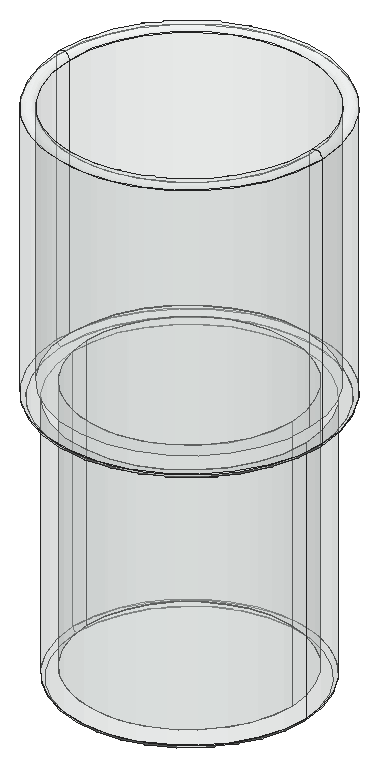
Revit family "Glass_Without_Holder-Grohe-Spa-Atrio-40882000", category Specialty Equipment, Revit 2019
Family settings
  Round Connector Dimension = Use Diameter
  Part Type = Normal
  OmniClass Number = 23.40.20.21.34
  OmniClass Title = Soap Holders, Dispensers
  Work Plane-Based = Yes
  Always vertical = No
  Cut with Voids When Loaded = No
  Shared = Yes
  Room Calculation Point = No
Parameters (values of type "40882000")
  Width = 2.24409"  # constant formula
  URL = "https://www.grohe.ca"
  Price = "Prices may vary. Please consult Manufacturer Representative for most up-to-date price list."  # constant formula
  Model = "40882000"
  Material = "Glass-Grohe-Crystal"
  Manufacturer = "GROHE"  # constant formula
  Height = 4.37008"  # constant formula
  Finish = Glass-Grohe-Crystal
  Description = "ATRIO Glass Without Holder"
  Default Elevation = 0"
  Creation Date = "05/31/2023"  # constant formula
  Assembly Code = "C1030200"
  40884 = yes
Reference planes (in)
  plane 1 "Center (Front/Back)": y = 0
  plane 2: z = 0
  plane 3 "Center (Left/Right)": x = 0
  plane 4: z = 4.37008
  plane 5: x = 1.12205
  plane 6: x = -1.12205
  plane 7: y = -1.12205
  plane 8: y = 1.12205
  plane 9: z = 2.18504
Forms (in)
  Sweep 1, solid, material "Glass-Grohe-Crystal" <- "Finish"
    path origin (0, 0, 0) x (1, 0, 0) y (0, 1, 0)
      loop
        circle (0, 0) r 1.1811
    profile origin (0, 1.1811, 0) x (0, -1, 0) y (0, 0, 1)
      loop
        arc (0.05906, 2.16116) -> (0.07078, 2.13296) -> (0.09898, 2.12128) r 0.03988
        line (0.09898, 2.12128) -> (0.19521, 2.12128) -> (0.19521, 0.03201)
        arc (0.19521, 0.03201) -> (0.2046, 0.00933) -> (0.22729, -0.00007) r 0.03208
        line (0.22729, -0.00007) -> (0.31332, -0.00007) -> (0.31332, 2.24367) -> (0.16468, 2.24367) -> (0.16468, 4.31735)
        arc (0.16468, 4.31735) -> (0.11187, 4.37016) -> (0.05906, 4.31735) r 0.05281
        line (0.05906, 4.31735) -> (0.05906, 2.16116)
  Extrusion 2, solid, material "Glass-Grohe-Crystal" <- "Finish"
    sketch origin (0, 0, 0) x (1, 0, 0) y (0, 1, 0)
      loop
        circle (0, 0) r 0.86778
    from 0 to 0.08346
Cuts and joins
  joined: Sweep 1, Extrusion 2
Lines and regions (in)
  Masking region 1
    outline origin (0, 0, 0) x (1, 0, 0) y (0, 1, 0)
      loop
        circle (0, 0) r 1.18401
  symbolic lines, detail levels medium+fine
    curve 1: circle (0, 0, 0) r 1.02802 normal (0, 0, 1)
  symbolic lines, detail levels fine
    curve 2: circle (0, 0, 0) r 1.06891 normal (0, 0, 1)
Dimensions and locks (in)
  "Height": plane 4 to level
  "Width": plane 6 to plane 5
  equal spacing: plane 5, plane 3 "Center (Left/Right)", plane 6
  equal spacing: plane 8, plane 1 "Center (Front/Back)", plane 7
  "Width": plane 8 to plane 7
  equal spacing: level, plane 9, plane 4
  aligned and locked: Extrusion 2 to level
Automatic sketch dimensions
  plane 1 "Center (Front/Back)" to Sweep 1 sketch curve = 0"
  Sweep 1 sketch curve to plane 3 "Center (Left/Right)" = 0"
  plane 1 "Center (Front/Back)" to Masking region 1 sketch curve = 0"
  Masking region 1 sketch curve to plane 3 "Center (Left/Right)" = 0"
  curve 1 to curve 2 = 0"  (x2)
  plane 1 "Center (Front/Back)" to curve 2 = 0"
  curve 2 to plane 3 "Center (Left/Right)" = 0"
  plane 1 "Center (Front/Back)" to Extrusion 2 sketch curve = 0"
  Extrusion 2 sketch curve to plane 3 "Center (Left/Right)" = 0"
  Sweep 1 sketch curve to profile plane = 0.05906"
  Sweep 1 sketch curve to Sweep 1 sketch curve = 0.03993"
  Sweep 1 sketch curve to Sweep 1 sketch curve = 0.05281"
  level to Sweep 1 sketch curve = 0.03201"
  Sweep 1 sketch curve to profile plane = 0.19521"
  Sweep 1 sketch curve to Sweep 1 sketch curve = 0.03208"
  Sweep 1 sketch curve to Sweep 1 sketch curve = 0.08603"
  Sweep 1 sketch curve to plane 9 = 0.06376"
  Sweep 1 sketch curve to plane 9 = 0.02388"
  plane 9 to Sweep 1 sketch curve = 0.05863"
  Sweep 1 sketch curve to Sweep 1 sketch curve = 2.07368"
  Sweep 1 sketch curve to Sweep 1 sketch curve = 0"
  radius of Sweep 1 sketch curve = 1.1811"
  radius of Masking region 1 sketch curve = 1.18401"
  radius of curve 1 = 1.02802"
  radius of curve 2 = 1.06891"
  radius of Extrusion 2 sketch curve = 0.86778"
